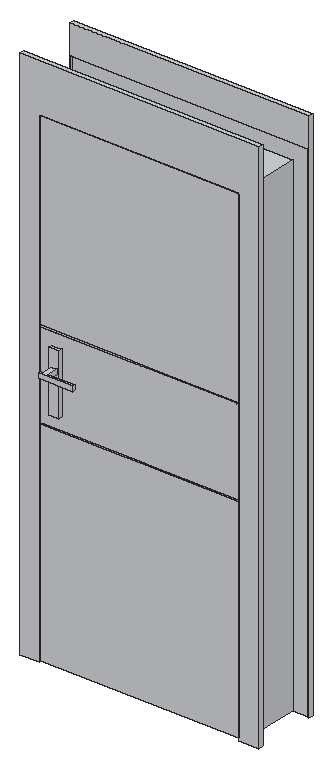
Revit family "porta_level_b1", category Drzwi, Revit 2016
Family settings
  Obiekt nadrzędny = Ściana
  Zawsze pionowo = Tak
  Tnij formami wycięć po wczytaniu = Nie
  Współdzielony = Nie
  Punkt obliczania pomieszczeń = Nie
Parameters (values of type "PN 80")
  Wysokość brutto = 2055 mm
  URL = "www.porta.com.pl"
  Szerokość brutto = 880 mm
  Ss = 818 mm
  Producent = "PORTA KMI POLAND"
  Keynote = ""
  Description = ""
  Wysokość = 2016 mm
  Zakończenie ściany = Wg obiektu nadrzędnego
  Szerokość = 802 mm
  Model = "Porta LEVEL"
  Materiał_skrzydło_2 = none
  Materiał_skrzydło_1 [instance] = none
  Materiał_paski = none
  Materiał_ościeżnica [instance] = none
  Materiał_klamka [instance] = none
  Konstrukcja analityczna = "<Brak>"
  Informacja = "Własność Porta KMI Poland, wszelkie prawa zastrzeżone."  # constant formula
  Hs = 2017 mm
  Funkcja = Wewnętrzna
Reference planes
  plane 1: y = 0
  plane 2 "Środek (Lewa/Prawa)": x = 0
  plane 3 "Lewy": x = -440
  plane 4 "Prawy": x = 440
  plane 5: z = 2055
  plane 6 "Zewnętrzna": y = 120
  plane 7 "Wewnętrzna": y = -120
  plane 8: x = -401
  plane 9: y = -138.9
  plane 10: x = -494.4
  plane 11: x = 494.4
Forms (mm)
  Sweep 1, solid, material <- "Materiał_ościeżnica"
    path in 3D
      loop
        line (-440, -120, 0) -> (-440, -120, 2055) -> (440, -120, 2055) -> (440, -120, 0)
    profile origin (-440, -120, 1027.5) x (0, -1, 0) y (1, 0, 0)
      loop
        line (-240, -54.4) -> (-240, -49.7) -> (-243.2, -49.7) -> (-243.2, 16.3) -> (3.2, 16.3) -> (3.2, -49.7) -> (0, -49.7) -> (0, -54.4) -> (18.9, -54.4) -> (18.9, 27) -> (-26.7, 27) -> (-26.7, 39) -> (-243.2, 39) -> (-243.2, 27) -> (-258.9, 27) -> (-258.9, -54.4) -> (-240, -54.4)
  Extrusion 2, solid, material <- "Materiał_ościeżnica"
    sketch origin (-359, -94.5, 2024.974) x (0, 0, -1) y (0, -1, 0)
      loop
        line (-203.026, -233.4) -> (-84.426, -233.4) -> (-84.426, -214.5) -> (-203.026, -214.5) -> (-203.026, -233.4)
    from -853.4 to 135.4
  Extrusion 3, solid, material <- "Materiał_ościeżnica"
    sketch origin (-359, -94.5, 2024.974) x (0, 0, -1) y (0, -1, 0)
      loop
        line (-203.026, 44.4) -> (-203.026, 25.5) -> (-84.426, 25.5) -> (-84.426, 44.4) -> (-203.026, 44.4)
    from -853.4 to 135.4
Cuts and joins
  joined: Sweep 1, Extrusion 2, Extrusion 3
Lines and regions (mm)
  Opening 1
    outline origin (-3050, -120, 0) x (1, 0, 0) y (0, 0, 1)
      loop
        line (2610, 0) -> (3490, 0) -> (3490, 2055) -> (2610, 2055) -> (2610, 0)
  sketch lines
    curve 1: line (-440, -120, 0) -> (-440, -120, 2055)
    curve 2: line (-440, -120, 2055) -> (440, -120, 2055)
    curve 3: line (440, -120, 2055) -> (440, -120, 0)
  symbolic lines, style "DoorsPanelProjection"
    curve 4: line (409, -120, 0) -> (409, -938, 0)
    curve 5: line (409, -938, 0) -> (369, -938, 0)
    curve 6: line (369, -938, 0) -> (369, -120, 0)
    curve 7: line (369, -120, 0) -> (409, -120, 0)
  symbolic lines, style "Ugięcie rzutu"
    curve 8: arc (-409, -120, 0) -> (-169.413, -698.413, 0) -> (409, -938, 0) r 818
Text (mm)
  text "Zewnętrzna" at (-2295.016, 1099.543, 0), in view "Poziom odniesienia"
  text "Zewnętrzna" at (0, 1615.38, 3698.081), in view "Lewy"
  text "Zewnętrzna" at (0, 1036.032, 3874.932), in view "Prawy"
Dimensions and locks
  equal spacing: plane 3 "Lewy", plane 2 "Środek (Lewa/Prawa)", plane 4 "Prawy"
  "Szerokość brutto": plane 3 "Lewy" to plane 4 "Prawy"
  "Wysokość brutto": plane 5 to host wall
  host wall to plane 5 = 2055 mm  (x2)
  locked: plane 6 "Zewnętrzna" to host wall at 0
  locked: plane 7 "Wewnętrzna" to host wall
  locked: curve 6 to curve 4 at 40
  "Ss": curve 5 to curve 7
  equal spacing: curve 8, plane 2 "Środek (Lewa/Prawa)", curve 4
  equal spacing: nested 1, plane 2 "Środek (Lewa/Prawa)", nested 1
  locked: nested 1 to level at 8
  locked: plane 3 "Lewy" to plane 8 at 39
  locked: plane 6 "Zewnętrzna" to Sweep 1 sketch curve at 18.9
  locked: profile plane to Sweep 1 sketch curve at 27
  locked: Sweep 1 sketch curve to plane 8 at 22.7
  locked: Sweep 1 sketch curve to profile plane at 26.7
  locked: profile plane to Sweep 1 sketch curve at 18.9
  locked: Sweep 1 sketch curve to profile plane at 54.4  (x2)
  locked: plane 9 to host wall at 18.9
  locked: plane 10 to plane 3 "Lewy" at 54.4
  locked: plane 4 "Prawy" to plane 11 at 54.4
  aligned and locked: plane 3 "Lewy" to Opening 1 sketch curve
  aligned and locked: plane 5 to Opening 1 sketch curve  (x2)
  aligned and locked: Opening 1 sketch curve to plane 4 "Prawy"
  aligned and locked: Opening 1 sketch curve to level
  aligned and locked: plane 1 to host wall
  aligned and locked: plane 7 "Wewnętrzna" to curve 7
  aligned and locked: Sweep 1 sketch curve to plane 6 "Zewnętrzna"
  aligned and locked: Sweep 1 sketch curve to profile plane
  aligned and locked: Sweep 1 sketch curve to plane 8
  aligned and locked: nested 1 to plane 9
  aligned and locked: Extrusion 2 sketch curve to Sweep 1  (x2)
  aligned and locked: host wall to Extrusion 2 sketch curve
  aligned and locked: Extrusion 3 sketch curve to plane 9
  aligned and locked: host wall to Extrusion 3 sketch curve
  aligned and locked: Extrusion 3 sketch curve to Sweep 1
  aligned and locked: Extrusion 3 sketch curve to Extrusion 2
  aligned and locked: plane 11 to Extrusion 3
  aligned and locked: plane 10 to Extrusion 3
  aligned and locked: plane 11 to Extrusion 2
  aligned and locked: plane 10 to Extrusion 2
Automatic sketch dimensions
  curve 8 to host wall = 0 mm
  Sweep 1 sketch curve to Sweep 1 sketch curve = 0 mm
  Sweep 1 sketch curve to Sweep 1 sketch curve = 3.2 mm
  Sweep 1 sketch curve to Sweep 1 sketch curve = 15.7 mm
  Sweep 1 sketch curve to Sweep 1 sketch curve = 4.7 mm  (x2)
  Sweep 1 sketch curve to Sweep 1 sketch curve = 10.7 mm
  Extrusion 2 sketch curve to plane 5 = 173 mm
Nested families
  nested 1: "skrzydło" at (0, -105.4, 0), type "skrzydło"
Definition of nested family "skrzydło"
  Parameters
    Ss = 818 mm
    Materiał_skrzydło_2 = none
    Materiał_skrzydło_1 = none
    Materiał_paski = none
    Materiał_klamka = none
    Assembly Code = ""
    Hs = 2017 mm
  Reference planes
    plane 1 "Tył": y = 6.5
    plane 2: z = 0
    plane 3 "Środek (Lewa/Prawa)": x = 0
    plane 4 "Lewa": x = -409
    plane 5 "Prawa": x = 409
    plane 6 "Przód": y = -33.5
    plane 7: z = 2025
    plane 8 "Centrum": y = -13.5
    plane 9: z = 8
  Forms (mm)
    Extrusion 1, solid, material <- "Materiał_skrzydło_1"
      sketch origin (0, -33.5, 0) x (-1, 0, 0) y (0, 0, 1)
        loop
          line (409, 883.3) -> (-409, 883.3) -> (-409, 8) -> (409, 8) -> (409, 883.3)
      from 0 to 40
    Extrusion 2, solid, material <- "Materiał_skrzydło_1"
      sketch origin (-2140.117, -33.5, 1200) x (-1, 0, 0) y (0, 0, 1)
        loop
          line (-1731.117, 825) -> (-2549.117, 825) -> (-2549.117, 51.7) -> (-1731.117, 51.7) -> (-1731.117, 825)
      from 0 to 40
    Extrusion 3, solid, material <- "Materiał_skrzydło_2"
      sketch origin (-2140.117, -33.5, 1200) x (-1, 0, 0) y (0, 0, 1)
        loop
          line (-1731.117, 51.7) -> (-2549.117, 51.7) -> (-2549.117, -316.7) -> (-1731.117, -316.7) -> (-1731.117, 51.7)
      from 0 to 40
    Extrusion 4, void
      sketch origin (0, 0, 0) x (0, -1, 0) y (0, 0, 1)
        loop
          line (-4.5, 1251.7) -> (-6.5, 1251.7) -> (-6.5, 1245.7) -> (-4.5, 1245.7) -> (-4.5, 1251.7)
        loop
          line (33.5, 1245.7) -> (33.5, 1251.7) -> (31.5, 1251.7) -> (31.5, 1245.7) -> (33.5, 1245.7)
        loop
          line (-6.5, 883.3) -> (-4.5, 883.3) -> (-4.5, 889.3) -> (-6.5, 889.3) -> (-6.5, 883.3)
        loop
          line (31.5, 883.3) -> (33.5, 883.3) -> (33.5, 889.3) -> (31.5, 889.3) -> (31.5, 883.3)
      from -409 to 409
    Extrusion 5, solid, material <- "Materiał_paski"
      sketch origin (0, 0, 0) x (0, 1, 0) y (0, 0, 1)
        loop
          line (6.5, 889.3) -> (4.5, 889.3) -> (4.5, 883.3) -> (6.5, 883.3) -> (6.5, 889.3)
        loop
          line (-31.5, 883.3) -> (-31.5, 889.3) -> (-33.5, 889.3) -> (-33.5, 883.3) -> (-31.5, 883.3)
        loop
          line (6.5, 1251.7) -> (4.5, 1251.7) -> (4.5, 1245.7) -> (6.5, 1245.7) -> (6.5, 1251.7)
        loop
          line (-33.5, 1245.7) -> (-31.5, 1245.7) -> (-31.5, 1251.7) -> (-33.5, 1251.7) -> (-33.5, 1245.7)
      from -409 to 409
  Cuts and joins
    Extrusion 4 cuts Extrusion 1
    Extrusion 4 cuts Extrusion 2
    Extrusion 4 cuts Extrusion 3
  Dimensions and locks
    equal spacing: plane 4 "Lewa", plane 3 "Środek (Lewa/Prawa)", plane 5 "Prawa"
    "Ss": plane 4 "Lewa" to plane 5 "Prawa"
    locked: plane 9 to level at 8
    "Hs": plane 7 to plane 9
    locked: nested 1 to plane 9 at 934
    locked: plane 9 to nested 3 at 934
    equal spacing: plane 6 "Przód", plane 8 "Centrum", plane 1 "Tył"
    aligned and locked: Extrusion 1 sketch curve to plane 9
    aligned and locked: nested 1 to plane 6 "Przód"
    aligned and locked: Extrusion 1 sketch curve to plane 5 "Prawa"
    aligned and locked: Extrusion 1 sketch curve to plane 4 "Lewa"
    aligned and locked: plane 3 "Środek (Lewa/Prawa)" to nested 2
    aligned and locked: plane 4 "Lewa" to Extrusion 2 sketch curve
    aligned and locked: plane 7 to Extrusion 2 sketch curve
    aligned and locked: plane 5 "Prawa" to Extrusion 2 sketch curve
    aligned and locked: plane 4 "Lewa" to Extrusion 3 sketch curve
    aligned and locked: plane 5 "Prawa" to Extrusion 3 sketch curve
    aligned and locked: Extrusion 3 sketch curve to Extrusion 1
    aligned and locked: Extrusion 3 sketch curve to Extrusion 2
    aligned and locked: Extrusion 3 to Extrusion 4 sketch curve  (x3)
    aligned and locked: Extrusion 4 sketch curve to Extrusion 3  (x4)
    aligned and locked: plane 5 "Prawa" to cut or joined group of Extrusion 3, Extrusion 4
    aligned and locked: cut or joined group of Extrusion 3, Extrusion 4 to plane 4 "Lewa"
    aligned and locked: Extrusion 5 sketch curve to cut or joined group of Extrusion 3, Extrusion 4  (x8)
    aligned and locked: Extrusion 5 sketch curve to cut or joined group of Extrusion 1, Extrusion 4
    aligned and locked: plane 1 "Tył" to Extrusion 5 sketch curve  (x2)
    aligned and locked: plane 6 "Przód" to Extrusion 5 sketch curve  (x2)
    aligned and locked: cut or joined group of Extrusion 2, Extrusion 4 to Extrusion 5 sketch curve
    aligned and locked: Extrusion 5 sketch curve to cut or joined group of Extrusion 2, Extrusion 4
    aligned and locked: plane 5 "Prawa" to Extrusion 5
    aligned and locked: Extrusion 5 to plane 4 "Lewa"
  Automatic sketch dimensions
    Extrusion 2 sketch curve to plane 7 = 773.3 mm
    Extrusion 1 sketch curve to Extrusion 1 sketch curve = 875.3 mm
    plane 1 "Tył" to Extrusion 4 sketch curve = 2 mm  (x2)
    plane 6 "Przód" to Extrusion 4 sketch curve = 2 mm  (x2)
    Extrusion 4 sketch curve to Extrusion 4 sketch curve = 6 mm  (x4)
    Extrusion 4 sketch curve to plane 1 "Tył" = 0 mm
    Extrusion 5 sketch curve to Extrusion 5 sketch curve = 6 mm
  Nested families
    nested 1: "KLAMKA" at (-341, -33.5, 1067), Materiał klamki <- "Materiał_klamka", type "KLAMKA"
      with Materiał klamki none
    nested 2: "logo_porta" at (0, 6.5, 110) x (1, 0, 0) z (0, -1, 0), type "logo_porta"
    nested 3: "KLAMKA" at (-341, 6.5, 1067), Materiał klamki <- "Materiał_klamka", type "KLAMKA"
      with Materiał klamki none
  Definition of nested family "KLAMKA"
    Parameters
      Materiał klamki [instance] = none
      Assembly Code = ""
      Default Elevation = 1219.2 mm
    Reference planes
      plane 1 "Center (Front/Back)": y = 0
      plane 2: z = 0
      plane 3 "Center (Left/Right)": x = 0
      plane 4: z = 125
      plane 5: z = -125
      plane 6: x = 20
      plane 7: x = -20
      plane 8: y = -70
      plane 9: y = -60
      plane 10: x = 10
      plane 11: x = -10
      plane 12: x = 120
      plane 13: z = 35
      plane 14: z = 55
      plane 15: y = -15
    Forms (mm)
      Extrusion 1, solid, material <- "Materiał klamki"
        sketch origin (0, 0, 0) x (1, 0, 0) y (0, 0, 1)
          loop
            line (-20, 125) -> (-20, -125) -> (20, -125) -> (20, 125) -> (-20, 125)
        from 0 to 15
      Extrusion 2, solid, material <- "Materiał klamki"
        sketch origin (0, 0, 0) x (1, 0, 0) y (0, 1, 0)
          loop
            line (-10, -15) -> (-10, -60) -> (-20, -60) -> (-20, -70) -> (120, -70) -> (120, -60) -> (10, -60) -> (10, -15) -> (-10, -15)
        from 35 to 55
    Dimensions and locks
      equal spacing: plane 4, plane 2, plane 5
      plane 4 to plane 5 = 250 mm
      equal spacing: plane 7, plane 3 "Center (Left/Right)", plane 6
      plane 7 to plane 6 = 40 mm
      plane 8 to plane 1 "Center (Front/Back)" = 70 mm
      plane 11 to plane 3 "Center (Left/Right)" to plane 10 = 10 mm locked, 10 mm locked
      plane 7 to plane 12 = 140 mm
      plane 15 to plane 1 "Center (Front/Back)" = 15 mm
      aligned and locked: plane 7 to Extrusion 1 sketch curve
      aligned and locked: Extrusion 1 sketch curve to plane 4
      aligned and locked: plane 5 to Extrusion 1 sketch curve
      aligned and locked: Extrusion 1 sketch curve to plane 6
      aligned and locked: plane 15 to Extrusion 1
      aligned and locked: Extrusion 1 to plane 1 "Center (Front/Back)"
      aligned and locked: plane 14 to Extrusion 2
      aligned and locked: Extrusion 2 to plane 13
    Automatic sketch dimensions
      Extrusion 2 sketch curve to plane 7 = 0 mm
      Extrusion 2 sketch curve to plane 9 = 0 mm  (x2)
      Extrusion 2 sketch curve to plane 11 = 0 mm
      Extrusion 2 sketch curve to plane 10 = 0 mm
      Extrusion 2 sketch curve to plane 12 = 0 mm
      Extrusion 2 sketch curve to plane 8 = 0 mm
      Extrusion 2 sketch curve to plane 15 = 0 mm
  Definition of nested family "logo_porta"
    Reference planes
      plane 1 "Środek (Przód/Tył)": y = 0
      plane 2: z = 0
      plane 3 "Środek (Lewa/Prawa)": x = 0
